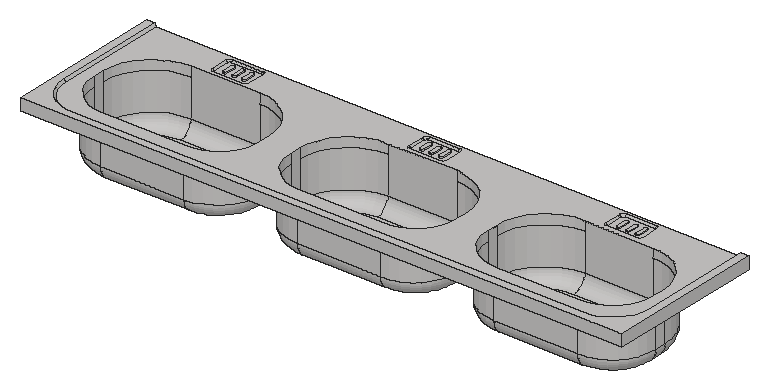
Revit family
Parameters (values of type "1595 X 420")
  Waste Connection Diameter = 40 mm
  Depth Of Bowl = 165 mm
  Width Of Bowl = 270 mm
  Length Of Bowl = 442 mm
  Height = 1050 mm
  Width = 420 mm
  Waste Connection Radius = Waste Connection Diameter / 2  # 20 mm
  Waste Connection = 1 = 1  # yes
  WFU = 0
  Vent Connection = 1 = 0  # no
  URL = "http://www.autospec.co.za/browse.php?id=1644179284"
  Product Code = "None"
  OmniClass Title = ""
  OmniClass Number = ""
  Modspec Classification = ""
  Specification = ""
  Location (revit room) = ""
  Material = Stainless Steel Grade 304
  Length = 1595 mm
  HW Connection = 1 = 0  # no
  Description = ""
  Depth = 172 mm
  Default Elevation = 0 mm
  Colour = none
  CW Connection = 1 = 0  # no
  Body Finish = none
  Model = "Wash Hand Basins SRHB - 003"
  Manufacturer = "Kwikot"  # constant formula
  Assembly Code = "D2010440"
Reference planes
  plane 1 "Back": y = 0
  plane 2 "Bottom": z = 0
  plane 3 "Center (Left/Right)": x = 0
  plane 4 "Left": x = -797.5
  plane 5 "Right": x = 797.5
  plane 6 "Front": y = -420
  plane 7 "Top": z = 1050
  plane 8: z = 1018
  plane 9 "Basin Center": x = -522
  plane 10: y = -355
  plane 11: y = -85
  plane 12: x = -743
  plane 13: x = -301
  plane 14: z = 878
  plane 15: z = 1043
  plane 16: x = -221
  plane 17: y = -210
  plane 18: x = -522
  plane 19: x = 0
  plane 20: x = 522
  plane 21: x = 1044
  plane 22: x = 0
  plane 23: x = 522
  plane 24: x = -522
  plane 25: x = 0
  plane 26: x = -522
  plane 27: x = 0
  plane 28: x = 0
  plane 29: x = -522
  plane 30: x = -522
  plane 31: x = -572
  plane 32: x = 0
  plane 33: x = -50
  plane 34: x = 0
  plane 35: x = -522
  plane 36: x = -522
  plane 37: x = -797.5
  plane 38: x = 0
  plane 39: x = -275.5
  plane 40: x = 0
  plane 41: x = -522
  plane 42: z = 878
  plane 43: z = 878
  plane 44: x = 522
  plane 45: x = 1566
  plane 46: z = 878
  plane 47: x = 522
  plane 48: x = 1044
  plane 49: x = 522
  plane 50: x = 522
  plane 51: x = 522
  plane 52: x = 472
  plane 53: x = 522
  plane 54: x = 522
  plane 55: x = 246.5
  plane 56: x = 522
Forms (mm)
  Extrusion 1, solid, material "Stainless Steel Grade 304" <- "Material"
    sketch origin (-797.5, -491, 4000) x (0, -1, 0) y (0, 0, 1)
      loop
        line (-491, -2982) -> (-71, -2982) -> (-71, -2950) -> (-491, -2950) -> (-491, -2982)
    from 0 to -1595
  Blend 2, void
    base sketch origin (-779.234, -1524, 1050) x (0, -1, 0) y (1, 0, 0)
      loop
        line (-1524, 1.734) -> (-1224, 1.734)
        arc (-1224, 1.734) -> (-1153.289, 31.023) -> (-1124, 101.734) r 100
        line (-1124, 101.734) -> (-1124, 1456.734)
        arc (-1124, 1456.734) -> (-1153.289, 1527.444) -> (-1224, 1556.734) r 100
        line (-1224, 1556.734) -> (-1524, 1556.734) -> (-1524, 1.734)
    top sketch origin (-779.234, -1524, 1050) x (0, -1, 0) y (1, 0, 0)
      loop
        arc (-1224, 5.734) -> (-1156.118, 33.851) -> (-1128, 101.734) r 96
        line (-1128, 101.734) -> (-1128, 1456.734)
        arc (-1128, 1456.734) -> (-1156.118, 1524.616) -> (-1224, 1552.734) r 96
        line (-1224, 1552.734) -> (-1524, 1552.734) -> (-1524, 5.734) -> (-1224, 5.734)
    from 0 to -7
  Extrusion 3, void
    sketch origin (-779.234, -1524, 1050) x (0, -1, 0) y (-1, 0, 0)
      loop
        line (-1439, -166.734) -> (-1439, -348.234)
        arc (-1439, -348.234) -> (-1400.924, -440.158) -> (-1309, -478.234) r 130
        line (-1309, -478.234) -> (-1279, -478.234)
        arc (-1279, -478.234) -> (-1201.218, -446.015) -> (-1169, -368.234) r 110
        line (-1169, -368.234) -> (-1169, -146.734)
        arc (-1169, -146.734) -> (-1201.218, -68.952) -> (-1279, -36.734) r 110
        line (-1279, -36.734) -> (-1309, -36.734)
        arc (-1309, -36.734) -> (-1400.924, -74.81) -> (-1439, -166.734) r 130
    from 0 to 32
  Sweep 4, solid, material "Stainless Steel Grade 304" <- "Material"
    path in 3D
      loop
        arc (-431, -85, 1043) -> (-339.076, -123.076, 1043) -> (-301, -215, 1043) r 130
        line (-301, -215, 1043) -> (-301, -245, 1043)
        arc (-301, -245, 1043) -> (-333.218, -322.782, 1043) -> (-411, -355, 1043) r 110
        line (-411, -355, 1043) -> (-632.5, -355, 1043)
        arc (-632.5, -355, 1043) -> (-710.282, -322.782, 1043) -> (-742.5, -245, 1043) r 110
        line (-742.5, -245, 1043) -> (-742.5, -215, 1043)
        arc (-742.5, -215, 1043) -> (-704.424, -123.076, 1043) -> (-612.5, -85, 1043) r 130
        line (-612.5, -85, 1043) -> (-431, -85, 1043)
    profile origin (-521.75, -85, 1043) x (0, 1, 0) y (0, 0, 1)
      loop
        line (0, -25) -> (0, -125)
        arc (0, -125) -> (-10.251, -149.749) -> (-35, -160) r 35
        line (-35, -160) -> (-35, -165)
        arc (-35, -165) -> (-6.716, -153.284) -> (5, -125) r 40
        line (5, -125) -> (5, -25) -> (0, -25)
  Extrusion 5, void
    sketch origin (-257.234, -1524, 1050) x (0, -1, 0) y (-1, 0, 0)
      loop
        line (-1439, -166.734) -> (-1439, -348.234)
        arc (-1439, -348.234) -> (-1400.924, -440.158) -> (-1309, -478.234) r 130
        line (-1309, -478.234) -> (-1279, -478.234)
        arc (-1279, -478.234) -> (-1201.218, -446.015) -> (-1169, -368.234) r 110
        line (-1169, -368.234) -> (-1169, -146.734)
        arc (-1169, -146.734) -> (-1201.218, -68.952) -> (-1279, -36.734) r 110
        line (-1279, -36.734) -> (-1309, -36.734)
        arc (-1309, -36.734) -> (-1400.924, -74.81) -> (-1439, -166.734) r 130
    from 0 to 32
  Sweep 6, solid, material "Stainless Steel Grade 304" <- "Material"
    path in 3D
      loop
        arc (91, -85, 1043) -> (182.924, -123.076, 1043) -> (221, -215, 1043) r 130
        line (221, -215, 1043) -> (221, -245, 1043)
        arc (221, -245, 1043) -> (188.782, -322.782, 1043) -> (111, -355, 1043) r 110
        line (111, -355, 1043) -> (-110.5, -355, 1043)
        arc (-110.5, -355, 1043) -> (-188.282, -322.782, 1043) -> (-220.5, -245, 1043) r 110
        line (-220.5, -245, 1043) -> (-220.5, -215, 1043)
        arc (-220.5, -215, 1043) -> (-182.424, -123.076, 1043) -> (-90.5, -85, 1043) r 130
        line (-90.5, -85, 1043) -> (91, -85, 1043)
    profile origin (0.25, -85, 1043) x (0, 1, 0) y (0, 0, 1)
      loop
        line (0, -25) -> (0, -125)
        arc (0, -125) -> (-10.251, -149.749) -> (-35, -160) r 35
        line (-35, -160) -> (-35, -165)
        arc (-35, -165) -> (-6.716, -153.284) -> (5, -125) r 40
        line (5, -125) -> (5, -25) -> (0, -25)
  Extrusion 7, solid, material "Stainless Steel Grade 304" <- "Material"
    sketch origin (-1108.106, -1524, 878) x (-1, 0, 0) y (0, -1, 0)
      loop
        arc (-495.606, -1404) -> (-428.431, -1376.175) -> (-400.606, -1309) r 95
        line (-400.606, -1309) -> (-400.606, -1279)
        arc (-400.606, -1279) -> (-422.573, -1225.967) -> (-475.606, -1204) r 75
        line (-475.606, -1204) -> (-697.106, -1204)
        arc (-697.106, -1204) -> (-750.139, -1225.967) -> (-772.106, -1279) r 75
        line (-772.106, -1279) -> (-772.106, -1309)
        arc (-772.106, -1309) -> (-744.281, -1376.175) -> (-677.106, -1404) r 95
        line (-677.106, -1404) -> (-495.606, -1404)
      loop
        circle (-586.106, -1379) r 20
    from 0 to 5
  Extrusion 8, solid, material "Stainless Steel Grade 304" <- "Material"
    sketch origin (-586.106, -1524, 878) x (-1, 0, 0) y (0, -1, 0)
      loop
        arc (-495.606, -1404) -> (-428.431, -1376.175) -> (-400.606, -1309) r 95
        line (-400.606, -1309) -> (-400.606, -1279)
        arc (-400.606, -1279) -> (-422.573, -1225.967) -> (-475.606, -1204) r 75
        line (-475.606, -1204) -> (-697.106, -1204)
        arc (-697.106, -1204) -> (-750.139, -1225.967) -> (-772.106, -1279) r 75
        line (-772.106, -1279) -> (-772.106, -1309)
        arc (-772.106, -1309) -> (-744.281, -1376.175) -> (-677.106, -1404) r 95
        line (-677.106, -1404) -> (-495.606, -1404)
      loop
        circle (-586.106, -1379) r 20
    from 0 to 5
  Blend 9, void
    base sketch origin (-441.857, -1524, 1043) x (0, -1, 0) y (1, 0, 0)
      loop
        arc (-1514, -120.143) -> (-1511.071, -127.214) -> (-1504, -130.143) r 10
        line (-1504, -130.143) -> (-1459, -130.143)
        arc (-1459, -130.143) -> (-1451.929, -127.214) -> (-1449, -120.143) r 10
        line (-1449, -120.143) -> (-1449, -40.143)
        arc (-1449, -40.143) -> (-1451.929, -33.071) -> (-1459, -30.143) r 10
        line (-1459, -30.143) -> (-1504, -30.143)
        arc (-1504, -30.143) -> (-1511.071, -33.071) -> (-1514, -40.143) r 10
        line (-1514, -40.143) -> (-1514, -120.143)
    top sketch origin (-441.857, -1524, 1043) x (0, -1, 0) y (1, 0, 0)
      loop
        arc (-1459, -127.143) -> (-1454.05, -125.092) -> (-1452, -120.143) r 7
        line (-1452, -120.143) -> (-1452, -40.143)
        arc (-1452, -40.143) -> (-1454.05, -35.193) -> (-1459, -33.143) r 7
        line (-1459, -33.143) -> (-1504, -33.143)
        arc (-1504, -33.143) -> (-1508.95, -35.193) -> (-1511, -40.143) r 7
        line (-1511, -40.143) -> (-1511, -120.143)
        arc (-1511, -120.143) -> (-1508.95, -125.092) -> (-1504, -127.143) r 7
        line (-1504, -127.143) -> (-1459, -127.143)
    from 0 to -5
  Blend 10, void
    base sketch origin (80.143, -1524, 1043) x (0, -1, 0) y (1, 0, 0)
      loop
        arc (-1514, -120.143) -> (-1511.071, -127.214) -> (-1504, -130.143) r 10
        line (-1504, -130.143) -> (-1459, -130.143)
        arc (-1459, -130.143) -> (-1451.929, -127.214) -> (-1449, -120.143) r 10
        line (-1449, -120.143) -> (-1449, -40.143)
        arc (-1449, -40.143) -> (-1451.929, -33.071) -> (-1459, -30.143) r 10
        line (-1459, -30.143) -> (-1504, -30.143)
        arc (-1504, -30.143) -> (-1511.071, -33.071) -> (-1514, -40.143) r 10
        line (-1514, -40.143) -> (-1514, -120.143)
    top sketch origin (80.143, -1524, 1043) x (0, -1, 0) y (1, 0, 0)
      loop
        arc (-1459, -127.143) -> (-1454.05, -125.092) -> (-1452, -120.143) r 7
        line (-1452, -120.143) -> (-1452, -40.143)
        arc (-1452, -40.143) -> (-1454.05, -35.193) -> (-1459, -33.143) r 7
        line (-1459, -33.143) -> (-1504, -33.143)
        arc (-1504, -33.143) -> (-1508.95, -35.193) -> (-1511, -40.143) r 7
        line (-1511, -40.143) -> (-1511, -120.143)
        arc (-1511, -120.143) -> (-1508.95, -125.092) -> (-1504, -127.143) r 7
        line (-1504, -127.143) -> (-1459, -127.143)
    from 0 to -5
  Extrusion 11, solid, material "Stainless Steel Grade 304" <- "Material"
    sketch origin (-441.857, -1524, 1043) x (-1, 0, 0) y (0, -1, 0)
      loop
        arc (85.143, -1470.346) -> (80.143, -1465.346) -> (75.143, -1470.346) r 5
        line (75.143, -1470.346) -> (75.143, -1495.346)
        arc (75.143, -1495.346) -> (80.143, -1500.346) -> (85.143, -1495.346) r 5
        line (85.143, -1495.346) -> (85.143, -1470.346)
      loop
        arc (110.143, -1470.346) -> (105.143, -1465.346) -> (100.143, -1470.346) r 5
        line (100.143, -1470.346) -> (100.143, -1495.346)
        arc (100.143, -1495.346) -> (105.143, -1500.346) -> (110.143, -1495.346) r 5
        line (110.143, -1495.346) -> (110.143, -1470.346)
      loop
        line (50.143, -1470.346) -> (50.143, -1495.346)
        arc (50.143, -1495.346) -> (55.143, -1500.346) -> (60.143, -1495.346) r 5
        line (60.143, -1495.346) -> (60.143, -1470.346)
        arc (60.143, -1470.346) -> (55.143, -1465.346) -> (50.143, -1470.346) r 5
    from -10 to -3
  Extrusion 12, solid, material "Stainless Steel Grade 304" <- "Material"
    sketch origin (80.143, -1524, 1043) x (-1, 0, 0) y (0, -1, 0)
      loop
        arc (85.143, -1470.346) -> (80.143, -1465.346) -> (75.143, -1470.346) r 5
        line (75.143, -1470.346) -> (75.143, -1495.346)
        arc (75.143, -1495.346) -> (80.143, -1500.346) -> (85.143, -1495.346) r 5
        line (85.143, -1495.346) -> (85.143, -1470.346)
      loop
        arc (110.143, -1470.346) -> (105.143, -1465.346) -> (100.143, -1470.346) r 5
        line (100.143, -1470.346) -> (100.143, -1495.346)
        arc (100.143, -1495.346) -> (105.143, -1500.346) -> (110.143, -1495.346) r 5
        line (110.143, -1495.346) -> (110.143, -1470.346)
      loop
        line (50.143, -1470.346) -> (50.143, -1495.346)
        arc (50.143, -1495.346) -> (55.143, -1500.346) -> (60.143, -1495.346) r 5
        line (60.143, -1495.346) -> (60.143, -1470.346)
        arc (60.143, -1470.346) -> (55.143, -1465.346) -> (50.143, -1470.346) r 5
    from -10 to -3
  Extrusion 13, solid
    sketch origin (-1108.106, -1524, 878) x (-1, 0, 0) y (0, -1, 0)
      loop
        circle (-586.106, -1379) r 20
      loop
        circle (-586.106, -1379) r 23
    from 0 to -10
  Extrusion 14, solid
    sketch origin (-586.106, -1524, 878) x (-1, 0, 0) y (0, -1, 0)
      loop
        circle (-586.106, -1379) r 20
      loop
        circle (-586.106, -1379) r 23
    from 0 to -10
  Extrusion 15, void
    sketch origin (264.766, -1524, 1050) x (0, -1, 0) y (-1, 0, 0)
      loop
        line (-1439, -166.734) -> (-1439, -348.234)
        arc (-1439, -348.234) -> (-1400.924, -440.158) -> (-1309, -478.234) r 130
        line (-1309, -478.234) -> (-1279, -478.234)
        arc (-1279, -478.234) -> (-1201.218, -446.015) -> (-1169, -368.234) r 110
        line (-1169, -368.234) -> (-1169, -146.734)
        arc (-1169, -146.734) -> (-1201.218, -68.952) -> (-1279, -36.734) r 110
        line (-1279, -36.734) -> (-1309, -36.734)
        arc (-1309, -36.734) -> (-1400.924, -74.81) -> (-1439, -166.734) r 130
    from 0 to 32
  Sweep 16, solid, material "Stainless Steel Grade 304" <- "Material"
    path in 3D
      loop
        arc (613, -85, 1043) -> (704.924, -123.076, 1043) -> (743, -215, 1043) r 130
        line (743, -215, 1043) -> (743, -245, 1043)
        arc (743, -245, 1043) -> (710.782, -322.782, 1043) -> (633, -355, 1043) r 110
        line (633, -355, 1043) -> (411.5, -355, 1043)
        arc (411.5, -355, 1043) -> (333.718, -322.782, 1043) -> (301.5, -245, 1043) r 110
        line (301.5, -245, 1043) -> (301.5, -215, 1043)
        arc (301.5, -215, 1043) -> (339.576, -123.076, 1043) -> (431.5, -85, 1043) r 130
        line (431.5, -85, 1043) -> (613, -85, 1043)
    profile origin (522.25, -85, 1043) x (0, 1, 0) y (0, 0, 1)
      loop
        line (0, -25) -> (0, -125)
        arc (0, -125) -> (-10.251, -149.749) -> (-35, -160) r 35
        line (-35, -160) -> (-35, -165)
        arc (-35, -165) -> (-6.716, -153.284) -> (5, -125) r 40
        line (5, -125) -> (5, -25) -> (0, -25)
  Extrusion 17, solid, material "Stainless Steel Grade 304" <- "Material"
    sketch origin (-64.106, -1524, 878) x (-1, 0, 0) y (0, -1, 0)
      loop
        arc (-495.606, -1404) -> (-428.431, -1376.175) -> (-400.606, -1309) r 95
        line (-400.606, -1309) -> (-400.606, -1279)
        arc (-400.606, -1279) -> (-422.573, -1225.967) -> (-475.606, -1204) r 75
        line (-475.606, -1204) -> (-697.106, -1204)
        arc (-697.106, -1204) -> (-750.139, -1225.967) -> (-772.106, -1279) r 75
        line (-772.106, -1279) -> (-772.106, -1309)
        arc (-772.106, -1309) -> (-744.281, -1376.175) -> (-677.106, -1404) r 95
        line (-677.106, -1404) -> (-495.606, -1404)
      loop
        circle (-586.106, -1379) r 20
    from 0 to 5
  Blend 18, void
    base sketch origin (602.143, -1524, 1043) x (0, -1, 0) y (1, 0, 0)
      loop
        arc (-1514, -120.143) -> (-1511.071, -127.214) -> (-1504, -130.143) r 10
        line (-1504, -130.143) -> (-1459, -130.143)
        arc (-1459, -130.143) -> (-1451.929, -127.214) -> (-1449, -120.143) r 10
        line (-1449, -120.143) -> (-1449, -40.143)
        arc (-1449, -40.143) -> (-1451.929, -33.071) -> (-1459, -30.143) r 10
        line (-1459, -30.143) -> (-1504, -30.143)
        arc (-1504, -30.143) -> (-1511.071, -33.071) -> (-1514, -40.143) r 10
        line (-1514, -40.143) -> (-1514, -120.143)
    top sketch origin (602.143, -1524, 1043) x (0, -1, 0) y (1, 0, 0)
      loop
        arc (-1459, -127.143) -> (-1454.05, -125.092) -> (-1452, -120.143) r 7
        line (-1452, -120.143) -> (-1452, -40.143)
        arc (-1452, -40.143) -> (-1454.05, -35.193) -> (-1459, -33.143) r 7
        line (-1459, -33.143) -> (-1504, -33.143)
        arc (-1504, -33.143) -> (-1508.95, -35.193) -> (-1511, -40.143) r 7
        line (-1511, -40.143) -> (-1511, -120.143)
        arc (-1511, -120.143) -> (-1508.95, -125.092) -> (-1504, -127.143) r 7
        line (-1504, -127.143) -> (-1459, -127.143)
    from 0 to -5
  Extrusion 19, solid, material "Stainless Steel Grade 304" <- "Material"
    sketch origin (602.143, -1524, 1043) x (-1, 0, 0) y (0, -1, 0)
      loop
        arc (85.143, -1470.346) -> (80.143, -1465.346) -> (75.143, -1470.346) r 5
        line (75.143, -1470.346) -> (75.143, -1495.346)
        arc (75.143, -1495.346) -> (80.143, -1500.346) -> (85.143, -1495.346) r 5
        line (85.143, -1495.346) -> (85.143, -1470.346)
      loop
        arc (110.143, -1470.346) -> (105.143, -1465.346) -> (100.143, -1470.346) r 5
        line (100.143, -1470.346) -> (100.143, -1495.346)
        arc (100.143, -1495.346) -> (105.143, -1500.346) -> (110.143, -1495.346) r 5
        line (110.143, -1495.346) -> (110.143, -1470.346)
      loop
        line (50.143, -1470.346) -> (50.143, -1495.346)
        arc (50.143, -1495.346) -> (55.143, -1500.346) -> (60.143, -1495.346) r 5
        line (60.143, -1495.346) -> (60.143, -1470.346)
        arc (60.143, -1470.346) -> (55.143, -1465.346) -> (50.143, -1470.346) r 5
    from -10 to -3
  Extrusion 20, solid
    sketch origin (-64.106, -1524, 878) x (-1, 0, 0) y (0, -1, 0)
      loop
        circle (-586.106, -1379) r 20
      loop
        circle (-586.106, -1379) r 23
    from 0 to -10
Cuts and joins
  Blend 2, Extrusion 3, Extrusion 5, Blend 9, Blend 10, Extrusion 15, Blend 18 cuts Extrusion 1
  Extrusion 5, Blend 9, Blend 10, Extrusion 15, Blend 18 cuts Sweep 4
  Extrusion 5, Blend 9, Blend 10, Extrusion 15, Blend 18 cuts Sweep 6
  Blend 9, Blend 10, Extrusion 15, Blend 18 cuts Extrusion 7
  Blend 9, Blend 10, Extrusion 15, Blend 18 cuts Extrusion 8
  Extrusion 15, Blend 18 cuts Extrusion 11
  Extrusion 15 cuts Sweep 16
  joined: Extrusion 1, Sweep 4, Sweep 6, Extrusion 7, Extrusion 8, Extrusion 11, Sweep 16, Extrusion 17
  Blend 18 cuts Extrusion 19
Lines and regions (mm)
  sketch lines
    curve 1: line (-612.5, -85, 1043) -> (-431, -85, 1043)
    curve 2: arc (-612.5, -85, 1043) -> (-704.424, -123.076, 1043) -> (-742.5, -215, 1043) r 130
    curve 3: line (-742.5, -245, 1043) -> (-742.5, -215, 1043)
    curve 4: arc (-742.5, -245, 1043) -> (-710.282, -322.782, 1043) -> (-632.5, -355, 1043) r 110
    curve 5: line (-411, -355, 1043) -> (-632.5, -355, 1043)
    curve 6: arc (-411, -355, 1043) -> (-333.218, -322.782, 1043) -> (-301, -245, 1043) r 110
    curve 7: line (-301, -215, 1043) -> (-301, -245, 1043)
    curve 8: arc (-301, -215, 1043) -> (-339.076, -123.076, 1043) -> (-431, -85, 1043) r 130
    curve 9: line (-90.5, -85, 1043) -> (91, -85, 1043)
    curve 10: arc (-90.5, -85, 1043) -> (-182.424, -123.076, 1043) -> (-220.5, -215, 1043) r 130
    curve 11: line (-220.5, -245, 1043) -> (-220.5, -215, 1043)
    curve 12: arc (-220.5, -245, 1043) -> (-188.282, -322.782, 1043) -> (-110.5, -355, 1043) r 110
    curve 13: line (111, -355, 1043) -> (-110.5, -355, 1043)
    curve 14: arc (111, -355, 1043) -> (188.782, -322.782, 1043) -> (221, -245, 1043) r 110
    curve 15: line (221, -215, 1043) -> (221, -245, 1043)
    curve 16: arc (221, -215, 1043) -> (182.924, -123.076, 1043) -> (91, -85, 1043) r 130
    curve 107: line (431.5, -85, 1043) -> (613, -85, 1043)
    curve 108: arc (431.5, -85, 1043) -> (339.576, -123.076, 1043) -> (301.5, -215, 1043) r 130
    curve 109: line (301.5, -245, 1043) -> (301.5, -215, 1043)
    curve 110: arc (301.5, -245, 1043) -> (333.718, -322.782, 1043) -> (411.5, -355, 1043) r 110
    curve 111: line (633, -355, 1043) -> (411.5, -355, 1043)
    curve 112: arc (633, -355, 1043) -> (710.782, -322.782, 1043) -> (743, -245, 1043) r 110
    curve 113: line (743, -215, 1043) -> (743, -245, 1043)
    curve 114: arc (743, -215, 1043) -> (704.924, -123.076, 1043) -> (613, -85, 1043) r 130
  symbolic lines
    curve 17: line (-797.5, 0, 1050) -> (-797.5, -420, 1050)
    curve 18: line (-797.5, -420, 1050) -> (797.5, -420, 1050)
    curve 19: line (797.5, 0, 1050) -> (-797.5, 0, 1050)
    curve 20: line (797.5, -420, 1050) -> (797.5, 0, 1050)
    curve 21: line (-777.5, -300, 1050) -> (-777.5, 0, 1050)
    curve 22: line (-773.5, 0, 1050) -> (-773.5, -300, 1050)
    curve 23: arc (-677.5, -400, 1050) -> (-748.211, -370.711, 1050) -> (-777.5, -300, 1050) r 100
    curve 24: arc (-773.5, -300, 1050) -> (-745.382, -367.882, 1050) -> (-677.5, -396, 1050) r 96
    curve 25: line (-677.5, -396, 1050) -> (677.5, -396, 1050)
    curve 26: line (677.5, -400, 1050) -> (-677.5, -400, 1050)
    curve 27: arc (777.5, -300, 1050) -> (748.211, -370.711, 1050) -> (677.5, -400, 1050) r 100
    curve 28: arc (677.5, -396, 1050) -> (745.382, -367.882, 1050) -> (773.5, -300, 1050) r 96
    curve 29: line (773.5, -300, 1050) -> (773.5, 0, 1050)
    curve 30: line (777.5, 0, 1050) -> (777.5, -300, 1050)
    curve 31: line (-431, -85, 1050) -> (-612.5, -85, 1050)
    curve 32: arc (-742.5, -215, 1050) -> (-704.424, -123.076, 1050) -> (-612.5, -85, 1050) r 130
    curve 33: line (-742.5, -215, 1050) -> (-742.5, -245, 1050)
    curve 34: arc (-632.5, -355, 1050) -> (-710.282, -322.782, 1050) -> (-742.5, -245, 1050) r 110
    curve 35: line (-632.5, -355, 1050) -> (-411, -355, 1050)
    curve 36: arc (-301, -245, 1050) -> (-333.218, -322.782, 1050) -> (-411, -355, 1050) r 110
    curve 37: line (-301, -245, 1050) -> (-301, -215, 1050)
    curve 38: arc (-431, -85, 1050) -> (-339.076, -123.076, 1050) -> (-301, -215, 1050) r 130
    curve 41: line (91, -85, 1050) -> (-90.5, -85, 1050)
    curve 42: arc (-220.5, -215, 1050) -> (-182.424, -123.076, 1050) -> (-90.5, -85, 1050) r 130
    curve 43: line (-220.5, -215, 1050) -> (-220.5, -245, 1050)
    curve 44: arc (-110.5, -355, 1050) -> (-188.282, -322.782, 1050) -> (-220.5, -245, 1050) r 110
    curve 45: line (-110.5, -355, 1050) -> (111, -355, 1050)
    curve 46: arc (221, -245, 1050) -> (188.782, -322.782, 1050) -> (111, -355, 1050) r 110
    curve 47: line (221, -245, 1050) -> (221, -215, 1050)
    curve 48: arc (91, -85, 1050) -> (182.924, -123.076, 1050) -> (221, -215, 1050) r 130
    curve 51: line (-482, -13, 1050) -> (-562, -13, 1050)
    curve 52: arc (-562, -13, 1050) -> (-566.95, -15.05, 1050) -> (-569, -20, 1050) r 7
    curve 53: line (-569, -20, 1050) -> (-569, -65, 1050)
    curve 54: arc (-569, -65, 1050) -> (-566.95, -69.95, 1050) -> (-562, -72, 1050) r 7
    curve 55: line (-562, -72, 1050) -> (-482, -72, 1050)
    curve 56: arc (-482, -72, 1050) -> (-477.05, -69.95, 1050) -> (-475, -65, 1050) r 7
    curve 57: line (-475, -65, 1050) -> (-475, -20, 1050)
    curve 58: arc (-475, -20, 1050) -> (-477.05, -15.05, 1050) -> (-482, -13, 1050) r 7
    curve 59: line (-562, -10, 1050) -> (-482, -10, 1050)
    curve 60: arc (-482, -10, 1050) -> (-474.929, -12.929, 1050) -> (-472, -20, 1050) r 10
    curve 61: line (-472, -20, 1050) -> (-472, -65, 1050)
    curve 62: arc (-472, -65, 1050) -> (-474.929, -72.071, 1050) -> (-482, -75, 1050) r 10
    curve 63: line (-482, -75, 1050) -> (-562, -75, 1050)
    curve 64: arc (-562, -75, 1050) -> (-569.071, -72.071, 1050) -> (-572, -65, 1050) r 10
    curve 65: line (-572, -65, 1050) -> (-572, -20, 1050)
    curve 66: arc (-572, -20, 1050) -> (-569.071, -12.929, 1050) -> (-562, -10, 1050) r 10
    curve 79: line (40, -13, 1050) -> (-40, -13, 1050)
    curve 80: arc (-40, -13, 1050) -> (-44.95, -15.05, 1050) -> (-47, -20, 1050) r 7
    curve 81: line (-47, -20, 1050) -> (-47, -65, 1050)
    curve 82: arc (-47, -65, 1050) -> (-44.95, -69.95, 1050) -> (-40, -72, 1050) r 7
    curve 83: line (-40, -72, 1050) -> (40, -72, 1050)
    curve 84: arc (40, -72, 1050) -> (44.95, -69.95, 1050) -> (47, -65, 1050) r 7
    curve 85: line (47, -65, 1050) -> (47, -20, 1050)
    curve 86: arc (47, -20, 1050) -> (44.95, -15.05, 1050) -> (40, -13, 1050) r 7
    curve 87: line (-40, -10, 1050) -> (40, -10, 1050)
    curve 88: arc (40, -10, 1050) -> (47.071, -12.929, 1050) -> (50, -20, 1050) r 10
    curve 89: line (50, -20, 1050) -> (50, -65, 1050)
    curve 90: arc (50, -65, 1050) -> (47.071, -72.071, 1050) -> (40, -75, 1050) r 10
    curve 91: line (40, -75, 1050) -> (-40, -75, 1050)
    curve 92: arc (-40, -75, 1050) -> (-47.071, -72.071, 1050) -> (-50, -65, 1050) r 10
    curve 93: line (-50, -65, 1050) -> (-50, -20, 1050)
    curve 94: arc (-50, -20, 1050) -> (-47.071, -12.929, 1050) -> (-40, -10, 1050) r 10
    curve 115: line (613, -85, 1050) -> (431.5, -85, 1050)
    curve 116: arc (301.5, -215, 1050) -> (339.576, -123.076, 1050) -> (431.5, -85, 1050) r 130
    curve 117: line (301.5, -215, 1050) -> (301.5, -245, 1050)
    curve 118: arc (411.5, -355, 1050) -> (333.718, -322.782, 1050) -> (301.5, -245, 1050) r 110
    curve 119: line (411.5, -355, 1050) -> (633, -355, 1050)
    curve 120: arc (743, -245, 1050) -> (710.782, -322.782, 1050) -> (633, -355, 1050) r 110
    curve 121: line (743, -245, 1050) -> (743, -215, 1050)
    curve 122: arc (613, -85, 1050) -> (704.924, -123.076, 1050) -> (743, -215, 1050) r 130
    curve 125: line (562, -13, 1050) -> (482, -13, 1050)
    curve 126: arc (482, -13, 1050) -> (477.05, -15.05, 1050) -> (475, -20, 1050) r 7
    curve 127: line (475, -20, 1050) -> (475, -65, 1050)
    curve 128: arc (475, -65, 1050) -> (477.05, -69.95, 1050) -> (482, -72, 1050) r 7
    curve 129: line (482, -72, 1050) -> (562, -72, 1050)
    curve 130: arc (562, -72, 1050) -> (566.95, -69.95, 1050) -> (569, -65, 1050) r 7
    curve 131: line (569, -65, 1050) -> (569, -20, 1050)
    curve 132: arc (569, -20, 1050) -> (566.95, -15.05, 1050) -> (562, -13, 1050) r 7
    curve 133: line (482, -10, 1050) -> (562, -10, 1050)
    curve 134: arc (562, -10, 1050) -> (569.071, -12.929, 1050) -> (572, -20, 1050) r 10
    curve 135: line (572, -20, 1050) -> (572, -65, 1050)
    curve 136: arc (572, -65, 1050) -> (569.071, -72.071, 1050) -> (562, -75, 1050) r 10
    curve 137: line (562, -75, 1050) -> (482, -75, 1050)
    curve 138: arc (482, -75, 1050) -> (474.929, -72.071, 1050) -> (472, -65, 1050) r 10
    curve 139: line (472, -65, 1050) -> (472, -20, 1050)
    curve 140: arc (472, -20, 1050) -> (474.929, -12.929, 1050) -> (482, -10, 1050) r 10
  symbolic lines, detail levels fine
    curve 39: arc (-502, -145, 1050) -> (-522, -165, 1050) -> (-542, -145, 1050) r 20
    curve 40: arc (-542, -145, 1050) -> (-522, -125, 1050) -> (-502, -145, 1050) r 20
    curve 49: arc (20, -145, 1050) -> (0, -165, 1050) -> (-20, -145, 1050) r 20
    curve 50: arc (-20, -145, 1050) -> (0, -125, 1050) -> (20, -145, 1050) r 20
    curve 67: line (-552, -28.654, 1050) -> (-552, -53.654, 1050)
    curve 68: arc (-552, -53.654, 1050) -> (-547, -58.654, 1050) -> (-542, -53.654, 1050) r 5
    curve 69: line (-542, -53.654, 1050) -> (-542, -28.654, 1050)
    curve 70: arc (-542, -28.654, 1050) -> (-547, -23.654, 1050) -> (-552, -28.654, 1050) r 5
    curve 71: line (-527, -28.654, 1050) -> (-527, -53.654, 1050)
    curve 72: arc (-527, -53.654, 1050) -> (-522, -58.654, 1050) -> (-517, -53.654, 1050) r 5
    curve 73: line (-517, -53.654, 1050) -> (-517, -28.654, 1050)
    curve 74: arc (-517, -28.654, 1050) -> (-522, -23.654, 1050) -> (-527, -28.654, 1050) r 5
    curve 75: line (-502, -28.654, 1050) -> (-502, -53.654, 1050)
    curve 76: arc (-502, -53.654, 1050) -> (-497, -58.654, 1050) -> (-492, -53.654, 1050) r 5
    curve 77: line (-492, -53.654, 1050) -> (-492, -28.654, 1050)
    curve 78: arc (-492, -28.654, 1050) -> (-497, -23.654, 1050) -> (-502, -28.654, 1050) r 5
    curve 95: line (-30, -28.654, 1050) -> (-30, -53.654, 1050)
    curve 96: arc (-30, -53.654, 1050) -> (-25, -58.654, 1050) -> (-20, -53.654, 1050) r 5
    curve 97: line (-20, -53.654, 1050) -> (-20, -28.654, 1050)
    curve 98: arc (-20, -28.654, 1050) -> (-25, -23.654, 1050) -> (-30, -28.654, 1050) r 5
    curve 99: line (-5, -28.654, 1050) -> (-5, -53.654, 1050)
    curve 100: arc (-5, -53.654, 1050) -> (0, -58.654, 1050) -> (5, -53.654, 1050) r 5
    curve 101: line (5, -53.654, 1050) -> (5, -28.654, 1050)
    curve 102: arc (5, -28.654, 1050) -> (0, -23.654, 1050) -> (-5, -28.654, 1050) r 5
    curve 103: line (20, -28.654, 1050) -> (20, -53.654, 1050)
    curve 104: arc (20, -53.654, 1050) -> (25, -58.654, 1050) -> (30, -53.654, 1050) r 5
    curve 105: line (30, -53.654, 1050) -> (30, -28.654, 1050)
    curve 106: arc (30, -28.654, 1050) -> (25, -23.654, 1050) -> (20, -28.654, 1050) r 5
    curve 123: arc (542, -145, 1050) -> (522, -165, 1050) -> (502, -145, 1050) r 20
    curve 124: arc (502, -145, 1050) -> (522, -125, 1050) -> (542, -145, 1050) r 20
    curve 141: line (492, -28.654, 1050) -> (492, -53.654, 1050)
    curve 142: arc (492, -53.654, 1050) -> (497, -58.654, 1050) -> (502, -53.654, 1050) r 5
    curve 143: line (502, -53.654, 1050) -> (502, -28.654, 1050)
    curve 144: arc (502, -28.654, 1050) -> (497, -23.654, 1050) -> (492, -28.654, 1050) r 5
    curve 145: line (517, -28.654, 1050) -> (517, -53.654, 1050)
    curve 146: arc (517, -53.654, 1050) -> (522, -58.654, 1050) -> (527, -53.654, 1050) r 5
    curve 147: line (527, -53.654, 1050) -> (527, -28.654, 1050)
    curve 148: arc (527, -28.654, 1050) -> (522, -23.654, 1050) -> (517, -28.654, 1050) r 5
    curve 149: line (542, -28.654, 1050) -> (542, -53.654, 1050)
    curve 150: arc (542, -53.654, 1050) -> (547, -58.654, 1050) -> (552, -53.654, 1050) r 5
    curve 151: line (552, -53.654, 1050) -> (552, -28.654, 1050)
    curve 152: arc (552, -28.654, 1050) -> (547, -23.654, 1050) -> (542, -28.654, 1050) r 5
Dimensions and locks
  equal spacing: plane 4 "Left", plane 3 "Center (Left/Right)", plane 5 "Right"
  "Width": plane 1 "Back" to plane 6 "Front"
  "Length": plane 4 "Left" to plane 5 "Right"
  "Height": plane 7 "Top" to plane 2 "Bottom"
  plane 10 to plane 6 "Front" = 65 mm
  "Width Of Bowl": plane 11 to plane 10
  "Length Of Bowl": plane 12 to plane 13
  equal spacing: plane 12, plane 9 "Basin Center", plane 13
  plane 7 "Top" to plane 8 = 32 mm
  "Depth Of Bowl": plane 15 to plane 14
  plane 4 "Left" to plane 12 = 54.5 mm
  plane 13 to plane 16 = 80 mm
  equal spacing: plane 1 "Back", plane 17, plane 6 "Front"
  profile plane to Sweep 4 sketch curve = 5 mm
  profile plane to Sweep 6 sketch curve = 5 mm
  equal spacing: group 1, group 2, group 11  (x3)
  locked: plane 18 to plane 19 at 522
  locked: plane 19 to plane 20 at 522
  equal spacing: group 3, group 4, group 12  (x3)
  locked: plane 22 to plane 23 at 522
  locked: plane 24 to plane 25 at 522
  equal spacing: Blend 9 sketch curve, plane 26, Blend 9 sketch curve
  Blend 9 sketch curve to Blend 9 sketch curve = 100 mm
  equal spacing: Blend 10 sketch curve, plane 27, Blend 10 sketch curve
  Blend 10 sketch curve to Blend 10 sketch curve = 100 mm
  equal spacing: group 5, group 6, group 13  (x3)
  locked: plane 29 to plane 28 at 522
  plane 31 to plane 30 = 50 mm
  plane 33 to plane 32 = 50 mm
  equal spacing: group 7, group 8, group 14  (x3)
  locked: plane 29 to plane 34 at 522
  locked: plane 37 to plane 36 at 275.5
  locked: plane 39 to plane 38 at 275.5
  equal spacing: group 9, group 10, group 15  (x3)
  locked: plane 35 to plane 40 at 522
  profile plane to Sweep 16 sketch curve = 5 mm
  locked: plane 47 to plane 48 at 522
  equal spacing: Blend 18 sketch curve, plane 49, Blend 18 sketch curve
  Blend 18 sketch curve to Blend 18 sketch curve = 100 mm
  plane 52 to plane 51 = 50 mm
  locked: plane 55 to plane 54 at 275.5
  "Depth": plane 7 "Top" to plane 14
  radius of Extrusion 3 sketch curve = 130 mm  (x2)
  radius of Extrusion 3 sketch curve = 110 mm  (x2)
  radius of Sweep 4 sketch curve = 35 mm
  radius of Sweep 4 sketch curve = 40 mm
  radius of Extrusion 5 sketch curve = 130 mm  (x2)
  radius of Extrusion 5 sketch curve = 110 mm  (x2)
  radius of Sweep 6 sketch curve = 35 mm
  radius of Sweep 6 sketch curve = 40 mm
  "Waste Connection Radius": radius of Extrusion 7 sketch curve
  "Waste Connection Radius": radius of Extrusion 8 sketch curve
  "Waste Connection Radius": radius of Extrusion 13 sketch curve
  "Waste Connection Radius": radius of Extrusion 14 sketch curve
  radius of Extrusion 15 sketch curve = 130 mm  (x2)
  radius of Extrusion 15 sketch curve = 110 mm  (x2)
  radius of Sweep 16 sketch curve = 35 mm
  radius of Sweep 16 sketch curve = 40 mm
  "Waste Connection Radius": radius of Extrusion 17 sketch curve
  "Waste Connection Radius": radius of Extrusion 20 sketch curve
  aligned and locked: level to plane 2 "Bottom"
  aligned and locked: Extrusion 1 sketch curve to plane 8
  aligned and locked: Extrusion 1 sketch curve to plane 1 "Back"
  aligned and locked: Extrusion 1 sketch curve to plane 6 "Front"
  aligned and locked: plane 7 "Top" to Extrusion 1 sketch curve
  aligned and locked: plane 4 "Left" to Extrusion 1
  aligned and locked: Extrusion 1 to plane 5 "Right"
  aligned and locked: Blend 2 to plane 15
  aligned and locked: plane 18 to plane 9 "Basin Center"
  aligned and locked: plane 19 to plane 22
  aligned and locked: plane 23 to plane 20
  aligned and locked: plane 18 to plane 24
  aligned and locked: plane 1 "Back" to Blend 2 sketch curve  (x2)
  aligned and locked: plane 26 to plane 18
  aligned and locked: plane 30 to plane 18
  aligned and locked: plane 30 to Extrusion 11 sketch curve
  aligned and locked: plane 32 to Extrusion 12 sketch curve
  aligned and locked: plane 18 to plane 36
  aligned and locked: plane 36 to Extrusion 13 sketch curve
  aligned and locked: plane 37 to plane 4 "Left"
  aligned and locked: plane 14 to Extrusion 13
  aligned and locked: plane 38 to Extrusion 14 sketch curve
  aligned and locked: plane 42 to Sweep 4 sketch curve
  aligned and locked: plane 43 to Sweep 6 sketch curve
  aligned and locked: curve 22 to cut or joined group 1 (Extrusion 1, Blend 2, Extrusion 3, Sweep 4, Extrusion 5, Sweep 6, Extrusion 7, Extrusion 8, Blend 9, Blend 10, Extrusion 11, Extrusion 15, Sweep 16, Extrusion 17, Blend 18)
  aligned and locked: curve 23 to cut or joined group 1
  aligned and locked: curve 24 to cut or joined group 1
  aligned and locked: curve 27 to cut or joined group 1
  aligned and locked: curve 28 to cut or joined group 1
  aligned and locked: curve 30 to cut or joined group 1
  aligned and locked: curve 31 to cut or joined group 1
  aligned and locked: curve 33 to cut or joined group 1
  aligned and locked: curve 35 to cut or joined group 1
  aligned and locked: curve 37 to cut or joined group 1
  aligned and locked: curve 51 to cut or joined group 1
  aligned and locked: curve 53 to cut or joined group 1
  aligned and locked: curve 55 to cut or joined group 1
  aligned and locked: curve 57 to cut or joined group 1
  aligned and locked: curve 59 to cut or joined group 1
  aligned and locked: curve 61 to cut or joined group 1
  aligned and locked: curve 63 to cut or joined group 1
  aligned and locked: curve 65 to cut or joined group 1
  aligned and locked: curve 67 to cut or joined group 1
  aligned and locked: curve 69 to cut or joined group 1
  aligned and locked: curve 71 to cut or joined group 1
  aligned and locked: curve 73 to cut or joined group 1
  aligned and locked: curve 75 to cut or joined group 1
  aligned and locked: curve 77 to cut or joined group 1
  aligned and locked: plane 46 to Sweep 16 sketch curve
  aligned and locked: plane 51 to Extrusion 19 sketch curve
  aligned and locked: plane 54 to Extrusion 20 sketch curve
Automatic sketch dimensions
  plane 6 "Front" to Blend 2 sketch curve = 120 mm  (x3)
  plane 6 "Front" to Blend 2 sketch curve = 20 mm
  Blend 2 sketch curve to plane 4 "Left" = 24 mm
  plane 6 "Front" to Blend 2 sketch curve = 24 mm
  Sweep 4 sketch curve to Sweep 4 sketch curve = 0 mm
  Sweep 4 sketch curve to profile plane = 25 mm
  Sweep 6 sketch curve to Sweep 6 sketch curve = 0 mm
  Sweep 6 sketch curve to profile plane = 25 mm
  Extrusion 7 sketch curve to Extrusion 7 sketch curve = 20 mm  (x2)
  Extrusion 8 sketch curve to Extrusion 8 sketch curve = 20 mm  (x2)
  Extrusion 7 sketch curve to Extrusion 7 sketch curve = 75 mm  (x2)
  Extrusion 7 sketch curve to Extrusion 7 sketch curve = 91 mm
  Extrusion 7 sketch curve to Extrusion 7 sketch curve = 90.5 mm
  Extrusion 7 sketch curve to Extrusion 7 sketch curve = 25 mm
  Extrusion 7 sketch curve to Extrusion 7 sketch curve = 30 mm
  Extrusion 8 sketch curve to Extrusion 8 sketch curve = 75 mm  (x2)
  Extrusion 8 sketch curve to Extrusion 8 sketch curve = 91 mm
  Extrusion 8 sketch curve to Extrusion 8 sketch curve = 90.5 mm
  Extrusion 8 sketch curve to Extrusion 8 sketch curve = 25 mm
  Extrusion 8 sketch curve to Extrusion 8 sketch curve = 30 mm
  plane 5 "Right" to Blend 2 sketch curve = 24 mm
  plane 12 to Blend 2 sketch curve = 65.5 mm
  Blend 2 sketch curve to plane 12 = 34.5 mm
  plane 5 "Right" to Blend 2 sketch curve = 20 mm
  Blend 9 sketch curve to Blend 9 sketch curve = 10 mm  (x3)
  Blend 9 sketch curve to Blend 9 sketch curve = 7 mm  (x3)
  Blend 9 sketch curve to Blend 9 sketch curve = 45 mm  (x4)
  Blend 9 sketch curve to Blend 9 sketch curve = 80 mm
  Blend 10 sketch curve to Blend 10 sketch curve = 10 mm  (x3)
  Blend 10 sketch curve to Blend 10 sketch curve = 7 mm  (x3)
  Blend 10 sketch curve to Blend 10 sketch curve = 45 mm  (x4)
  Blend 10 sketch curve to Blend 10 sketch curve = 80 mm
  Extrusion 11 sketch curve to Extrusion 11 sketch curve = 15 mm  (x2)
  Extrusion 11 sketch curve to Extrusion 11 sketch curve = 5 mm  (x2)
  Extrusion 11 sketch curve to Extrusion 11 sketch curve = 0 mm  (x4)
  Extrusion 11 sketch curve to Extrusion 11 sketch curve = 25 mm
  plane 30 to Extrusion 11 sketch curve = 5 mm
  Extrusion 12 sketch curve to Extrusion 12 sketch curve = 15 mm  (x2)
  Extrusion 12 sketch curve to Extrusion 12 sketch curve = 5 mm  (x2)
  Extrusion 12 sketch curve to Extrusion 12 sketch curve = 0 mm  (x4)
  Extrusion 12 sketch curve to Extrusion 12 sketch curve = 25 mm
  plane 32 to Extrusion 12 sketch curve = 5 mm
  Extrusion 13 sketch curve to Extrusion 13 sketch curve = 0 mm  (x5)
  Extrusion 13 sketch curve to plane 36 = 23 mm
  Extrusion 14 sketch curve to Extrusion 14 sketch curve = 0 mm  (x5)
  Extrusion 14 sketch curve to plane 38 = 23 mm
  curve 18 to plane 4 "Left" = 0 mm
  curve 18 to plane 6 "Front" = 0 mm
  curve 19 to plane 5 "Right" = 0 mm
  plane 1 "Back" to curve 30 = 0 mm
  curve 40 to plane 18 = 0 mm
  curve 40 to plane 18 = 20 mm
  curve 38 to plane 18 = 91 mm
  curve 35 to plane 18 = 111 mm
  curve 37 to curve 36 = 110 mm
  plane 18 to curve 32 = 90.5 mm
  plane 18 to curve 34 = 110.5 mm
  curve 34 to curve 33 = 110 mm
  curve 31 to curve 39 = 60 mm
  curve 37 to curve 37 = 30 mm
  curve 39 to curve 40 = 0 mm
  curve 50 to plane 19 = 0 mm
  curve 50 to plane 19 = 20 mm
  curve 48 to plane 19 = 91 mm
  curve 45 to plane 19 = 111 mm
  curve 47 to curve 46 = 110 mm
  plane 19 to curve 42 = 90.5 mm
  plane 19 to curve 44 = 110.5 mm
  curve 44 to curve 43 = 110 mm
  curve 41 to curve 49 = 60 mm
  curve 47 to curve 47 = 30 mm
  curve 49 to curve 50 = 0 mm
  curve 52 to curve 66 = 0 mm  (x3)
  curve 54 to curve 64 = 0 mm  (x3)
  curve 56 to curve 62 = 0 mm  (x3)
  curve 58 to curve 60 = 0 mm  (x2)
  curve 74 to plane 29 = 0 mm
  plane 29 to curve 72 = 5 mm
  curve 78 to curve 73 = 15 mm
  curve 76 to curve 75 = 5 mm
  curve 62 to curve 76 = 10 mm
  curve 58 to curve 77 = 10 mm
  curve 58 to curve 58 = 7 mm
  curve 60 to curve 58 = 3 mm
  curve 72 to curve 69 = 15 mm
  curve 69 to curve 70 = 5 mm
  curve 67 to curve 66 = 10 mm
  curve 67 to curve 55 = 10 mm
  curve 54 to curve 53 = 7 mm
  curve 52 to curve 71 = 8.654 mm
  curve 73 to curve 75 = 0 mm
  curve 70 to curve 74 = 0 mm
  curve 74 to curve 72 = 25 mm
  curve 73 to curve 76 = 0 mm
  curve 67 to curve 72 = 0 mm
  curve 76 to curve 56 = 11.346 mm
  curve 80 to curve 94 = 0 mm  (x3)
  curve 82 to curve 92 = 0 mm  (x3)
  curve 84 to curve 90 = 0 mm  (x3)
  curve 86 to curve 88 = 0 mm  (x2)
  curve 102 to plane 28 = 0 mm
  plane 28 to curve 100 = 5 mm
  curve 106 to curve 101 = 15 mm
  curve 104 to curve 103 = 5 mm
  curve 90 to curve 104 = 10 mm
  curve 86 to curve 105 = 10 mm
  curve 86 to curve 86 = 7 mm
  curve 88 to curve 86 = 3 mm
  curve 100 to curve 97 = 15 mm
  curve 97 to curve 98 = 5 mm
  curve 95 to curve 94 = 10 mm
  curve 95 to curve 83 = 10 mm
  curve 82 to curve 81 = 7 mm
  curve 80 to curve 99 = 8.654 mm
  curve 101 to curve 103 = 0 mm
  curve 98 to curve 102 = 0 mm
  curve 102 to curve 100 = 25 mm
  curve 101 to curve 104 = 0 mm
  curve 95 to curve 100 = 0 mm
  curve 104 to curve 84 = 11.346 mm
  Sweep 16 sketch curve to Sweep 16 sketch curve = 0 mm
  Sweep 16 sketch curve to profile plane = 25 mm
  curve 124 to plane 44 = 0 mm
  curve 124 to plane 44 = 20 mm
  curve 122 to plane 44 = 91 mm
  curve 119 to plane 44 = 111 mm
  curve 121 to curve 120 = 110 mm
  plane 44 to curve 116 = 90.5 mm
  plane 44 to curve 118 = 110.5 mm
  curve 118 to curve 117 = 110 mm
  curve 115 to curve 123 = 60 mm
  curve 121 to curve 121 = 30 mm
  curve 123 to curve 124 = 0 mm
  Extrusion 17 sketch curve to Extrusion 17 sketch curve = 20 mm  (x2)
  Extrusion 17 sketch curve to Extrusion 17 sketch curve = 75 mm  (x2)
  Extrusion 17 sketch curve to Extrusion 17 sketch curve = 91 mm
  Extrusion 17 sketch curve to Extrusion 17 sketch curve = 90.5 mm
  Extrusion 17 sketch curve to Extrusion 17 sketch curve = 25 mm
  Extrusion 17 sketch curve to Extrusion 17 sketch curve = 30 mm
  Blend 18 sketch curve to Blend 18 sketch curve = 10 mm  (x3)
  Blend 18 sketch curve to Blend 18 sketch curve = 7 mm  (x3)
  Blend 18 sketch curve to Blend 18 sketch curve = 45 mm  (x4)
  Blend 18 sketch curve to Blend 18 sketch curve = 80 mm
  curve 126 to curve 140 = 0 mm  (x3)
  curve 128 to curve 138 = 0 mm  (x3)
  curve 130 to curve 136 = 0 mm  (x3)
  curve 132 to curve 134 = 0 mm  (x2)
  curve 148 to plane 50 = 0 mm
  plane 50 to curve 146 = 5 mm
  curve 152 to curve 147 = 15 mm
  curve 150 to curve 149 = 5 mm
  curve 136 to curve 150 = 10 mm
  curve 132 to curve 151 = 10 mm
  curve 132 to curve 132 = 7 mm
  curve 134 to curve 132 = 3 mm
  curve 146 to curve 143 = 15 mm
  curve 143 to curve 144 = 5 mm
  curve 141 to curve 140 = 10 mm
  curve 141 to curve 129 = 10 mm
  curve 128 to curve 127 = 7 mm
  curve 126 to curve 145 = 8.654 mm
  curve 147 to curve 149 = 0 mm
  curve 144 to curve 148 = 0 mm
  curve 148 to curve 146 = 25 mm
  curve 147 to curve 150 = 0 mm
  curve 141 to curve 146 = 0 mm
  curve 150 to curve 130 = 11.346 mm
  Extrusion 19 sketch curve to Extrusion 19 sketch curve = 15 mm  (x2)
  Extrusion 19 sketch curve to Extrusion 19 sketch curve = 5 mm  (x2)
  Extrusion 19 sketch curve to Extrusion 19 sketch curve = 0 mm  (x4)
  Extrusion 19 sketch curve to Extrusion 19 sketch curve = 25 mm
  plane 51 to Extrusion 19 sketch curve = 5 mm
  Extrusion 20 sketch curve to Extrusion 20 sketch curve = 0 mm  (x5)
  Extrusion 20 sketch curve to plane 54 = 23 mm
Connectors
  piping at (-522, -145, 868), driven by "Waste Connection Radius", driven by "WFU"
    settings: on Extrusion 13, index 1, connector radius 20 mm, flow factor 0, pipe flow 0.0 L/s, pressure drop 0.0 Pa, fitting loss kfactor 0, connector angle 0.00°, fixture units 0, flow configuration 3, flow direction 2, fitting loss method 0, system type 16, connector reference index -1, connector utility 0, adjustable connector no, is connector primary yes, fitting loss table "", connector description "Waste Connection"
  piping at (0, -145, 868), driven by "Waste Connection Radius", driven by "WFU"
    settings: on Extrusion 14, index 2, connector radius 20 mm, flow factor 0, pipe flow 0.0 L/s, pressure drop 0.0 Pa, fitting loss kfactor 0, connector angle 0.00°, fixture units 0, flow configuration 3, flow direction 2, fitting loss method 0, system type 16, connector reference index -1, connector utility 0, adjustable connector no, is connector primary no, fitting loss table "", connector description "Waste Connection"
  piping at (522, -145, 868), driven by "Waste Connection Radius", driven by "WFU"
    settings: on Extrusion 20, index 3, connector radius 20 mm, flow factor 0, pipe flow 0.0 L/s, pressure drop 0.0 Pa, fitting loss kfactor 0, connector angle 0.00°, fixture units 0, flow configuration 3, flow direction 2, fitting loss method 0, system type 16, connector reference index -1, connector utility 0, adjustable connector no, is connector primary no, fitting loss table "", connector description ""
